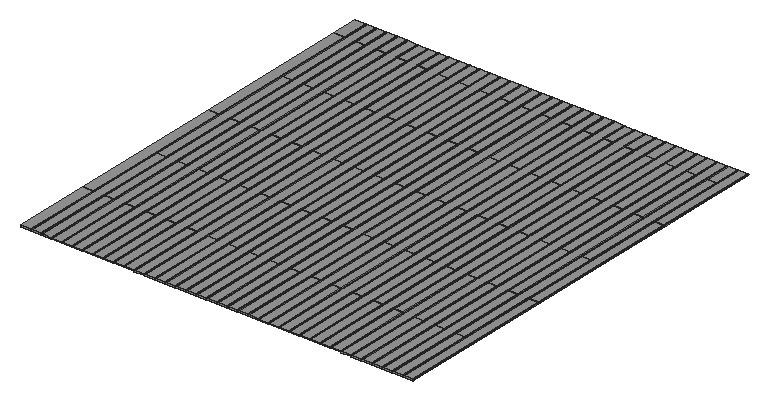
Revit family "2416-2, Veneer", category Generic Models, host Ceiling, Revit 2020
Family settings
  Host = Ceiling
  Can host rebar = No
  Round Connector Dimension = Use Diameter
  Part Type = Normal
  Always vertical = Yes
  Cut with Voids When Loaded = No
  Shared = No
  Room Calculation Point = No
Parameters
  OC SPACING [instance] = .. MEMBER WIDTH - 0' 0 1/4" - 0' 0 3/256"  # 0' - 4 189/256"
  PROJECT WIDTH [instance] = 15' - 0"
  PROJECT LENGTH [instance] = 16' - 0"
  PANELS COUNT 2 [instance] = rounddown((PROJECT LENGTH - .. MEMBER LENGTH 3) / .. MEMBER LENGTH 2)  # 2
  PANELS COUNT [instance] = rounddown(PROJECT LENGTH / .. MEMBER LENGTH 2)  # 2
  MEMBER WIDTH COUNT 2 [instance] = (PROJECT WIDTH / OC SPACING) / 2  # 19
  .. MEMBER WIDTH COUNT [instance] = (PROJECT WIDTH / OC SPACING) / 2  # 19
  .. MEMBER MATERIAL [instance] = Solid Western Hemlock
  .. MEMBER LENGTH 4 [instance] = ((PROJECT LENGTH - .. MEMBER LENGTH 3) - (PANELS COUNT 2 * .. MEMBER LENGTH 2))  # 1' - 0"
  .. MEMBER LENGTH 3 [instance] = .. MEMBER LENGTH 2 / 2  # 3' - 0"
  Default Elevation = 0' - 0"
  .. MEMBER WIDTH [instance] = 0' - 5"  # constant formula
  .. MEMBER LENGTH 2 [instance] = 6' - 0"
  .. MEMBER LENGTH [instance] = PROJECT LENGTH - (PANELS COUNT * .. MEMBER LENGTH 2)  # 4' - 0"
  .. MEMBER DEPTH [instance] = 0' - 0 3/4"  # constant formula
Reference planes (in)
  plane 1 "Center (Front/Back)": y = 0
  plane 2 "Ceiling": z = 96
  plane 3 "Center (Left/Right)": x = 0
  plane 4: y = 72
  plane 5: y = 144
  plane 6: y = 108
  plane 7: y = 36
  plane 8: y = 192
  plane 9: y = 144
  plane 10: y = 180
  plane 11: x = 180
  plane 12: x = 4.73828
Dimensions and locks (in)
  equal spacing: host sketch curve, plane 3 "Center (Left/Right)", host sketch curve
  equal spacing: host sketch curve, plane 1 "Center (Front/Back)", host sketch curve
  host sketch curve to host sketch curve = 10' - 0"  (x2)
  group 1 to group 2 = 0' - 0"  (x2)
  group 1 to group 2 = 6' - 0"
  ".. MEMBER LENGTH 2": plane 5 to plane 4
  ".. MEMBER LENGTH 2": plane 6 to plane 7
  "PROJECT LENGTH": plane 1 "Center (Front/Back)" to plane 8
  group 3 to group 4 = 0' - 0"  (x2)
  group 3 to group 4 = 6' - 0"
  ".. MEMBER LENGTH 3": plane 1 "Center (Front/Back)" to plane 7
  ".. MEMBER LENGTH 2": plane 1 "Center (Front/Back)" to plane 4
  ".. MEMBER LENGTH": plane 8 to plane 9
  ".. MEMBER LENGTH 4": plane 8 to plane 10
  "PROJECT WIDTH": plane 3 "Center (Left/Right)" to plane 11
  "OC SPACING": plane 3 "Center (Left/Right)" to plane 12
  aligned and locked: plane 1 "Center (Front/Back)" to nested 1
  aligned and locked: plane 4 to nested 2
  aligned and locked: nested 4 to plane 4
  aligned and locked: plane 7 to nested 3
  aligned and locked: plane 6 to nested 3
  aligned and locked: nested 6 to plane 6
  aligned and locked: nested 5 to plane 9
  aligned and locked: nested 7 to plane 10
  aligned and locked: plane 12 to nested 2
  aligned and locked: plane 12 to nested 4
  aligned and locked: plane 12 to nested 5
Nested families (in)
  nested 1: "(COPY 1) 2300 STAGGERED" at (0, 0, 85.44644), .. MEMBER DEPTH <- ".. MEMBER DEPTH", .. MEMBER WIDTH <- ".. MEMBER WIDTH", MEMBER LENGTH <- ".. MEMBER LENGTH 3", REVEAL <- "OC SPACING", MEMBER 1 COUNT <- ".. MEMBER WIDTH COUNT", .. MEMBER MATERIAL <- ".. MEMBER MATERIAL", type "(COPY 1) 2300 STAGGERED"
    with REVEAL X2 0' - 9 61/128", REVEAL 0' - 4 189/256", MEMBER LENGTH 2 1' - 6", MEMBER LENGTH 3' - 0", MEMBER COUNT 2 5, MEMBER 1 COUNT 19, INDENT 0' - 0 5/8", .. MEMBER WIDTH 0' - 5", .. MEMBER MATERIAL Solid Western Hemlock, .. MEMBER DEPTH 0' - 0 3/4"
  nested 2: "(COPY 1) 2300 STAGGERED" at (4.73828, 0, 85.44644), .. MEMBER DEPTH <- ".. MEMBER DEPTH", .. MEMBER WIDTH <- ".. MEMBER WIDTH", MEMBER LENGTH <- ".. MEMBER LENGTH 2", MEMBER 1 COUNT <- "MEMBER WIDTH COUNT 2", REVEAL <- "OC SPACING", .. MEMBER MATERIAL <- ".. MEMBER MATERIAL", type "(COPY 1) 2300 STAGGERED"
    with REVEAL X2 0' - 9 61/128", REVEAL 0' - 4 189/256", MEMBER LENGTH 2 3' - 0", MEMBER LENGTH 6' - 0", MEMBER COUNT 2 5, MEMBER 1 COUNT 19, INDENT 0' - 0 5/8", .. MEMBER WIDTH 0' - 5", .. MEMBER MATERIAL Solid Western Hemlock, .. MEMBER DEPTH 0' - 0 3/4"
  nested 3: "(COPY 1) 2300 STAGGERED" at (0, 36, 85.44644), .. MEMBER DEPTH <- ".. MEMBER DEPTH", .. MEMBER WIDTH <- ".. MEMBER WIDTH", MEMBER LENGTH <- ".. MEMBER LENGTH 2", MEMBER 1 COUNT <- ".. MEMBER WIDTH COUNT", REVEAL <- "OC SPACING", .. MEMBER MATERIAL <- ".. MEMBER MATERIAL", type "(COPY 1) 2300 STAGGERED"
    with REVEAL X2 0' - 9 61/128", REVEAL 0' - 4 189/256", MEMBER LENGTH 2 3' - 0", MEMBER LENGTH 6' - 0", MEMBER COUNT 2 5, MEMBER 1 COUNT 19, INDENT 0' - 0 5/8", .. MEMBER WIDTH 0' - 5", .. MEMBER MATERIAL Solid Western Hemlock, .. MEMBER DEPTH 0' - 0 3/4"
  nested 4: "(COPY 1) 2300 STAGGERED" at (4.73828, 72, 85.44644), .. MEMBER DEPTH <- ".. MEMBER DEPTH", .. MEMBER WIDTH <- ".. MEMBER WIDTH", MEMBER LENGTH <- ".. MEMBER LENGTH 2", MEMBER 1 COUNT <- "MEMBER WIDTH COUNT 2", REVEAL <- "OC SPACING", .. MEMBER MATERIAL <- ".. MEMBER MATERIAL", type "(COPY 1) 2300 STAGGERED"
    with REVEAL X2 0' - 9 61/128", REVEAL 0' - 4 189/256", MEMBER LENGTH 2 3' - 0", MEMBER LENGTH 6' - 0", MEMBER COUNT 2 5, MEMBER 1 COUNT 19, INDENT 0' - 0 5/8", .. MEMBER WIDTH 0' - 5", .. MEMBER MATERIAL Solid Western Hemlock, .. MEMBER DEPTH 0' - 0 3/4"
  nested 5: "(COPY 1) 2300 STAGGERED" at (4.73828, 144, 85.44644), .. MEMBER DEPTH <- ".. MEMBER DEPTH", .. MEMBER WIDTH <- ".. MEMBER WIDTH", MEMBER LENGTH <- ".. MEMBER LENGTH", REVEAL <- "OC SPACING", MEMBER 1 COUNT <- "MEMBER WIDTH COUNT 2", .. MEMBER MATERIAL <- ".. MEMBER MATERIAL", type "(COPY 1) 2300 STAGGERED"
    with REVEAL X2 0' - 9 61/128", REVEAL 0' - 4 189/256", MEMBER LENGTH 2 2' - 0", MEMBER LENGTH 4' - 0", MEMBER COUNT 2 5, MEMBER 1 COUNT 19, INDENT 0' - 0 5/8", .. MEMBER WIDTH 0' - 5", .. MEMBER MATERIAL Solid Western Hemlock, .. MEMBER DEPTH 0' - 0 3/4"
  nested 6: "(COPY 1) 2300 STAGGERED" at (0, 108, 85.44644), .. MEMBER DEPTH <- ".. MEMBER DEPTH", .. MEMBER WIDTH <- ".. MEMBER WIDTH", MEMBER LENGTH <- ".. MEMBER LENGTH 2", MEMBER 1 COUNT <- ".. MEMBER WIDTH COUNT", REVEAL <- "OC SPACING", .. MEMBER MATERIAL <- ".. MEMBER MATERIAL", type "(COPY 1) 2300 STAGGERED"
    with REVEAL X2 0' - 9 61/128", REVEAL 0' - 4 189/256", MEMBER LENGTH 2 3' - 0", MEMBER LENGTH 6' - 0", MEMBER COUNT 2 5, MEMBER 1 COUNT 19, INDENT 0' - 0 5/8", .. MEMBER WIDTH 0' - 5", .. MEMBER MATERIAL Solid Western Hemlock, .. MEMBER DEPTH 0' - 0 3/4"
  nested 7: "(COPY 1) 2300 STAGGERED" at (0, 180, 85.44644), .. MEMBER DEPTH <- ".. MEMBER DEPTH", .. MEMBER WIDTH <- ".. MEMBER WIDTH", MEMBER LENGTH <- ".. MEMBER LENGTH 4", REVEAL <- "OC SPACING", MEMBER 1 COUNT <- ".. MEMBER WIDTH COUNT", .. MEMBER MATERIAL <- ".. MEMBER MATERIAL", type "(COPY 1) 2300 STAGGERED"
    with REVEAL X2 0' - 9 61/128", REVEAL 0' - 4 189/256", MEMBER LENGTH 2 0' - 6", MEMBER LENGTH 1' - 0", MEMBER COUNT 2 3, MEMBER 1 COUNT 19, INDENT 0' - 0 5/8", .. MEMBER WIDTH 0' - 5", .. MEMBER MATERIAL Solid Western Hemlock, .. MEMBER DEPTH 0' - 0 3/4"
Definition of nested family "(COPY 1) 2300 STAGGERED"
  Parameters (values of type "(COPY 1) 2300 STAGGERED")
    REVEAL X2 [instance] = REVEAL * 2  # 0' - 8"
    REVEAL [instance] = 0' - 4"
    MEMBER LENGTH 2 [instance] = MEMBER LENGTH / 2  # 3' - 0"
    MEMBER LENGTH [instance] = 6' - 0"
    MEMBER COUNT 2 [instance] = 5
    MEMBER 1 COUNT [instance] = 5
    INDENT [instance] = 0' - 0 5/8"
    Default Elevation = 0' - 0"
    .. MEMBER WIDTH [instance] = 0' - 3 1/4"
    .. MEMBER MATERIAL [instance] = none
    .. MEMBER DEPTH [instance] = 0' - 0 3/4"
  Reference planes (in)
    plane 1 "Center (Front/Back)": y = 0
    plane 2: z = 0
    plane 3 "Center (Left/Right)": x = 0
    plane 4: x = 8
    plane 5: x = 4
    plane 6: x = 12
  Dimensions and locks (in)
    "REVEAL X2": plane 3 "Center (Left/Right)" to plane 4
    "REVEAL": plane 3 "Center (Left/Right)" to plane 5
    "REVEAL X2": plane 5 to plane 6
    equal spacing: group 1, group 2, group 3, group 4, group 5  (x3)
    aligned and locked: plane 2 to level
    aligned and locked: plane 1 "Center (Front/Back)" to nested 1
    aligned and locked: nested 1 to plane 3 "Center (Left/Right)"
    aligned and locked: nested 2 to plane 4
  Nested families (in)
    nested 1: "2300 DEV" at (-0.25432, 0, 0), MEMBER LENGTH <- "MEMBER LENGTH", MEMBER MATERIAL <- ".. MEMBER MATERIAL", MEMBER WIDTH <- ".. MEMBER WIDTH", MEMBER DEPTH <- ".. MEMBER DEPTH", INDENT <- "INDENT", type "2300 DEV"
      with MEMBER WIDTH 0' - 3 1/4", MEMBER MATERIAL none, MEMBER LENGTH 6' - 0", MEMBER DEPTH 0' - 0 3/4", INDENT 0' - 0 5/8", EXTRUSION -6' - 0"
    nested 2: "2300 DEV" at (7.74568, 0, 0), MEMBER LENGTH <- "MEMBER LENGTH", MEMBER MATERIAL <- ".. MEMBER MATERIAL", MEMBER WIDTH <- ".. MEMBER WIDTH", MEMBER DEPTH <- ".. MEMBER DEPTH", INDENT <- "INDENT", type "2300 DEV"
      with MEMBER WIDTH 0' - 3 1/4", MEMBER MATERIAL none, MEMBER LENGTH 6' - 0", MEMBER DEPTH 0' - 0 3/4", INDENT 0' - 0 5/8", EXTRUSION -6' - 0"
    nested 3: "2300 DEV" at (15.74568, 0, 0), MEMBER LENGTH <- "MEMBER LENGTH", MEMBER MATERIAL <- ".. MEMBER MATERIAL", MEMBER WIDTH <- ".. MEMBER WIDTH", MEMBER DEPTH <- ".. MEMBER DEPTH", INDENT <- "INDENT", type "2300 DEV"
      with MEMBER WIDTH 0' - 3 1/4", MEMBER MATERIAL none, MEMBER LENGTH 6' - 0", MEMBER DEPTH 0' - 0 3/4", INDENT 0' - 0 5/8", EXTRUSION -6' - 0"
    nested 4: "2300 DEV" at (23.74568, 0, 0), MEMBER LENGTH <- "MEMBER LENGTH", MEMBER MATERIAL <- ".. MEMBER MATERIAL", MEMBER WIDTH <- ".. MEMBER WIDTH", MEMBER DEPTH <- ".. MEMBER DEPTH", INDENT <- "INDENT", type "2300 DEV"
      with MEMBER WIDTH 0' - 3 1/4", MEMBER MATERIAL none, MEMBER LENGTH 6' - 0", MEMBER DEPTH 0' - 0 3/4", INDENT 0' - 0 5/8", EXTRUSION -6' - 0"
    nested 5: "2300 DEV" at (31.74568, 0, 0), MEMBER LENGTH <- "MEMBER LENGTH", MEMBER MATERIAL <- ".. MEMBER MATERIAL", MEMBER WIDTH <- ".. MEMBER WIDTH", MEMBER DEPTH <- ".. MEMBER DEPTH", INDENT <- "INDENT", type "2300 DEV"
      with MEMBER WIDTH 0' - 3 1/4", MEMBER MATERIAL none, MEMBER LENGTH 6' - 0", MEMBER DEPTH 0' - 0 3/4", INDENT 0' - 0 5/8", EXTRUSION -6' - 0"
  Definition of nested family "2300 DEV"
    Parameters (values of type "2300 DEV")
      MEMBER WIDTH [instance] = 0' - 2 1/4"
      MEMBER MATERIAL [instance] = none
      MEMBER LENGTH [instance] = 2' - 6"
      MEMBER DEPTH [instance] = 0' - 0 5/8"
      INDENT [instance] = 0' - 0 5/8"
      EXTRUSION [instance] = -1 * MEMBER LENGTH  # -2' - 6"
      Default Elevation = 0' - 0"
    Reference planes (in)
      plane 1 "Center (Front/Back)": y = 0
      plane 2: z = 10.55356
      plane 3 "Center (Left/Right)": x = 0
      plane 4: y = 30
      plane 5: z = 10.55356
      plane 6: x = 0.25432
      plane 7: x = 2.50432
      plane 8: x = 2.82058
      plane 9: z = 9.92856
      plane 10: z = 10.17856
    Forms (in)
      Extrusion 1, void, not visible
        sketch origin (-0.375, 0, 0) x (1, 0, 0) y (0, 0, 1)
          loop
            line (4.125, 11.30356) -> (4.125, 11.17856) -> (4.0625, 11.11606) -> (3.75, 11.11606) -> (3.75, 10.92856) -> (4.25, 10.92856) -> (4.65478, 10.92856) -> (4.65478, 11.30356) -> (4.25, 11.30356) -> (4.125, 11.30356)
        from 0 to 30
      Extrusion 2, void, not visible
        sketch origin (4.5, 0, 0) x (-1, 0, 0) y (0, 0, 1)
          loop
            line (4.5, 11.30356) -> (4.25, 11.30356) -> (4.25, 11.17856) -> (4.1875, 11.11606) -> (3.875, 11.11606) -> (3.875, 10.92856) -> (4.78125, 10.92856) -> (4.78125, 11.30356) -> (4.5, 11.30356)
        from 0 to 30
      Extrusion 3, void, not visible
        sketch origin (0, 0, 0) x (1, 0, 0) y (0, 0, 1)
          loop
            line (2.53125, 10.55356) -> (2, 10.55356) -> (2, 10.42856) -> (1.9375, 10.36606) -> (1.625, 10.36606) -> (1.625, 10.17856) -> (2.53125, 10.17856) -> (2.53125, 10.55356)
        from 0 to 12
      Extrusion 4, void
        sketch origin (-5.34896, 0, 0) x (1, 0, 0) y (0, 0, 1)
          loop
            line (5.92291, 10.42856) -> (5.60328, 10.42856) -> (5.60328, 10.55356) -> (5.34896, 10.55356) -> (5.34896, 9.92856) -> (5.34896, 9.52296) -> (5.60291, 9.52296) -> (5.60291, 9.99136) -> (5.60291, 10.17856) -> (5.92291, 10.17856) -> (5.92291, 10.42856)
        from 0 to -30 <- "EXTRUSION"
      Extrusion 5, void
        sketch origin (-6.35859, 0, 0) x (1, 0, 0) y (0, 0, 1)
          loop
            line (8.60291, 10.17856) -> (8.60291, 9.99106) -> (8.60291, 9.52296) -> (9.17917, 9.52296) -> (9.17917, 9.92856) -> (9.17917, 10.55356) -> (8.56291, 10.55356) -> (8.56291, 10.38856) -> (8.80041, 10.38856)
            arc (8.80041, 10.38856) -> (8.8446, 10.37025) -> (8.86291, 10.32606) r 0.0625
            line (8.86291, 10.32606) -> (8.86291, 10.24106)
            arc (8.86291, 10.24106) -> (8.8446, 10.19686) -> (8.80041, 10.17856) r 0.0625
            line (8.80041, 10.17856) -> (8.60291, 10.17856)
        from 0 to -30 <- "EXTRUSION"
      Extrusion 6, solid, material <- "MEMBER MATERIAL"
        sketch origin (-5.34896, 0, 0) x (1, 0, 0) y (0, 0, 1)
          loop
            line (5.60328, 10.55356) -> (5.60328, 9.92856) -> (7.85328, 9.92856) -> (7.85328, 10.55356) -> (5.60328, 10.55356)
        from 0 to -30
      Extrusion 7, void, not visible
        sketch origin (0, 0, 0) x (1, 0, 0) y (0, 0, 1)
          loop
            line (8.60291, 10.17856) -> (8.60291, 9.99106) -> (8.54041, 9.92856) -> (9.17917, 9.92856) -> (9.17917, 10.55356) -> (8.56291, 10.55356) -> (8.56291, 10.38856) -> (8.80041, 10.38856)
            arc (8.80041, 10.38856) -> (8.8446, 10.37025) -> (8.86291, 10.32606) r 0.0625
            line (8.86291, 10.32606) -> (8.86291, 10.24106)
            arc (8.86291, 10.24106) -> (8.8446, 10.19686) -> (8.80041, 10.17856) r 0.0625
            line (8.80041, 10.17856) -> (8.60291, 10.17856)
        from 0 to -30
      Extrusion 8, void, not visible
        sketch origin (-0.54718, 0, 0) x (1, 0, 0) y (0, 0, 1)
          loop
            line (8.60291, 10.17856) -> (8.60291, 9.99106) -> (8.60291, 9.52296) -> (9.17917, 9.52296) -> (9.17917, 9.92856) -> (9.17917, 10.55356) -> (8.56291, 10.55356) -> (8.56291, 10.38856) -> (8.80041, 10.38856)
            arc (8.80041, 10.38856) -> (8.8446, 10.37025) -> (8.86291, 10.32606) r 0.0625
            line (8.86291, 10.32606) -> (8.86291, 10.24106)
            arc (8.86291, 10.24106) -> (8.8446, 10.19686) -> (8.80041, 10.17856) r 0.0625
            line (8.80041, 10.17856) -> (8.60291, 10.17856)
        from 0 to -30 <- "EXTRUSION"
      Extrusion 9, void
        sketch origin (0, 0, 0) x (1, 0, 0) y (0, 0, 1)
          loop
            line (0.25432, 9.92856) -> (0.31682, 9.92856) -> (0.25432, 9.99106) -> (0.25432, 9.92856)
        from -30 to 0
      Extrusion 10, void
        sketch origin (2.49864, 0, -0.0153) x (-1, 0, 0) y (0, 0, -1)
          loop
            line (0.25432, -9.94385) -> (0.25432, -10.00635) -> (0.31682, -9.94385) -> (0.25432, -9.94385)
        from -30 to 0
      Extrusion 11, void, not visible
        sketch origin (-5.34896, -6, 0) x (1, 0, 0) y (0, 0, 1)
          loop
            line (5.92291, 10.42856) -> (5.60328, 10.42856) -> (5.60328, 10.55356) -> (5.34896, 10.55356) -> (5.34896, 9.92856) -> (5.34896, 9.52296) -> (5.60291, 9.52296) -> (5.60291, 9.99136) -> (5.60291, 10.17856) -> (5.92291, 10.17856) -> (5.92291, 10.42856)
        from 0 to -30 <- "EXTRUSION"
    Cuts and joins
      Extrusion 4, Extrusion 5, Extrusion 9, Extrusion 10 cuts Extrusion 6
    Lines and regions (in)
      model lines, not visible
        curve 1: line (9.45582, 0, 10.55356) -> (14.70582, 0, 10.55356)
        curve 2: line (14.70582, 0, 10.55356) -> (14.70582, 0, 10.92856)
        curve 3: line (14.70582, 0, 10.92856) -> (14.20582, 0, 10.92856)
        curve 4: line (14.20582, 0, 10.92856) -> (14.20582, 0, 11.11606)
        curve 5: line (14.20582, 0, 11.11606) -> (14.51832, 0, 11.11606)
        curve 6: line (14.58082, 0, 11.30356) -> (14.58082, 0, 11.17856)
        curve 7: line (14.58082, 0, 11.17856) -> (14.51832, 0, 11.11606)
        curve 8: line (14.58082, 0, 11.30356) -> (9.58082, 0, 11.30356)
        curve 9: line (9.45582, 0, 10.55356) -> (9.45582, 0, 10.92856)
        curve 10: line (9.45582, 0, 10.92856) -> (9.95582, 0, 10.92856)
        curve 11: line (9.95582, 0, 10.92856) -> (9.95582, 0, 11.11606)
        curve 12: line (9.95582, 0, 11.11606) -> (9.64332, 0, 11.11606)
        curve 13: line (9.58082, 0, 11.30356) -> (9.58082, 0, 11.17856)
        curve 14: line (9.58082, 0, 11.17856) -> (9.64332, 0, 11.11606)
        curve 15: line (5.25, 0, 10.55356) -> (5.25, 0, 10.92856)
        curve 16: line (5.25, 0, 10.92856) -> (4.75, 0, 10.92856)
        curve 17: line (4.75, 0, 10.92856) -> (4.75, 0, 11.11606)
        curve 18: line (4.75, 0, 11.11606) -> (5.0625, 0, 11.11606)
        curve 19: line (5.125, 0, 11.30356) -> (5.125, 0, 11.17856)
        curve 20: line (5.125, 0, 11.17856) -> (5.0625, 0, 11.11606)
    Dimensions and locks (in)
      "MEMBER LENGTH": plane 1 "Center (Front/Back)" to plane 4
      locked: plane 8 to plane 7 at 0.31626
      "MEMBER WIDTH": plane 7 to plane 6
      locked: plane 6 to plane 3 "Center (Left/Right)" at 0.25432
      level to plane 9 = 0' - 0 5/8"
      locked: level to plane 10 at 0.375
      aligned and locked: level to plane 2
      aligned and locked: plane 4 to Extrusion 6
      aligned and locked: plane 6 to Extrusion 6
      aligned and locked: plane 6 to Extrusion 4
      aligned and locked: plane 7 to Extrusion 6
      aligned and locked: plane 8 to Extrusion 5
      aligned and locked: plane 9 to Extrusion 6
      aligned and locked: Extrusion 9 to plane 9
      aligned and locked: Extrusion 10 to plane 9
      aligned and locked: plane 4 to Extrusion 9
      aligned and locked: plane 1 "Center (Front/Back)" to Extrusion 9
      aligned and locked: plane 4 to Extrusion 10
      aligned and locked: plane 1 "Center (Front/Back)" to Extrusion 10
      aligned and locked: plane 10 to Extrusion 4
      aligned and locked: plane 1 "Center (Front/Back)" to Extrusion 5
    Automatic sketch dimensions
      Extrusion 1 sketch curve to Extrusion 1 sketch curve = 0' - 0 1/16"  (x2)
      Extrusion 1 sketch curve to Extrusion 1 sketch curve = 0' - 0.40478"
      Extrusion 1 sketch curve to Extrusion 1 sketch curve = 0' - 0 3/16"  (x2)
      Extrusion 1 sketch curve to Extrusion 1 sketch curve = 0' - 0 1/8"  (x2)
      Extrusion 1 sketch curve to Extrusion 1 sketch curve = 0' - 0 5/16"
      Extrusion 2 sketch curve to Extrusion 2 sketch curve = 0' - 0 3/16"  (x2)
      Extrusion 2 sketch curve to Extrusion 2 sketch curve = 0' - 0 1/16"  (x2)
      Extrusion 2 sketch curve to Extrusion 2 sketch curve = 0' - 0 9/32"
      Extrusion 2 sketch curve to Extrusion 2 sketch curve = 0' - 0 1/4"
      Extrusion 2 sketch curve to Extrusion 2 sketch curve = 0' - 0 5/16"
      Extrusion 3 sketch curve to Extrusion 3 sketch curve = 0' - 0 5/16"
      Extrusion 3 sketch curve to Extrusion 3 sketch curve = 0' - 0 1/16"  (x2)
      Extrusion 3 sketch curve to Extrusion 3 sketch curve = 0' - 0 3/16"
      Extrusion 3 sketch curve to Extrusion 3 sketch curve = 0' - 0 17/32"
      Extrusion 3 sketch curve to Extrusion 3 sketch curve = 0' - 0 3/8"
      Extrusion 7 sketch curve to Extrusion 7 sketch curve = 0' - 0 1/16"  (x4)
      Extrusion 7 sketch curve to Extrusion 7 sketch curve = 0' - 0.1975"
      Extrusion 7 sketch curve to Extrusion 7 sketch curve = 0' - 0.2375"
      Extrusion 7 sketch curve to Extrusion 7 sketch curve = 0' - 0.085"
      Extrusion 7 sketch curve to Extrusion 7 sketch curve = 0' - 0 3/16"
      Extrusion 7 sketch curve to Extrusion 7 sketch curve = 0' - 0.31626"
      Extrusion 7 sketch curve to Extrusion 7 sketch curve = 0' - 0.2275"
      Extrusion 5 sketch curve to Extrusion 5 sketch curve = 0' - 0.04"
      Extrusion 5 sketch curve to Extrusion 5 sketch curve = 0' - 0.2375"
      Extrusion 5 sketch curve to Extrusion 5 sketch curve = 0' - 0"
      Extrusion 5 sketch curve to Extrusion 5 sketch curve = 0' - 0 1/16"
      Extrusion 5 sketch curve to Extrusion 5 sketch curve = 0' - 0.31626"
      Extrusion 5 sketch curve to Extrusion 5 sketch curve = 0' - 0.4681"
      Extrusion 5 sketch curve to Extrusion 5 sketch curve = 0' - 0 3/16"
      Extrusion 5 sketch curve to Extrusion 5 sketch curve = 0' - 0.085"
      Extrusion 5 sketch curve to Extrusion 5 sketch curve = 0' - 0.2275"
      Extrusion 5 sketch curve to Extrusion 5 sketch curve = 0' - 0.4056"
      Extrusion 8 sketch curve to Extrusion 8 sketch curve = 0' - 0.04"
      Extrusion 8 sketch curve to Extrusion 8 sketch curve = 0' - 0.2375"
      Extrusion 8 sketch curve to Extrusion 8 sketch curve = 0' - 0"
      Extrusion 8 sketch curve to Extrusion 8 sketch curve = 0' - 0 1/16"
      Extrusion 8 sketch curve to Extrusion 8 sketch curve = 0' - 0.31626"
      Extrusion 8 sketch curve to Extrusion 8 sketch curve = 0' - 0.4681"
      Extrusion 8 sketch curve to Extrusion 8 sketch curve = 0' - 0 3/16"
      Extrusion 8 sketch curve to Extrusion 8 sketch curve = 0' - 0.085"
      Extrusion 8 sketch curve to Extrusion 8 sketch curve = 0' - 0.2275"
      Extrusion 8 sketch curve to Extrusion 8 sketch curve = 0' - 0.4056"
      Extrusion 6 sketch curve to plane 6 = 0' - 0"
      Extrusion 6 sketch curve to plane 7 = 0' - 0"
      Extrusion 6 sketch curve to plane 9 = 0' - 0"
      Extrusion 6 sketch curve to level = 0' - 0"
      Extrusion 9 sketch curve to plane 6 = 0' - 0"
      Extrusion 9 sketch curve to plane 9 = 0' - 0"
      plane 6 to Extrusion 9 sketch curve = 0' - 0 1/16"
      Extrusion 9 sketch curve to Extrusion 9 sketch curve = 0' - 0 1/16"
      plane 7 to Extrusion 10 sketch curve = 0' - 0.26"
      plane 9 to Extrusion 10 sketch curve = 0' - 0"
      Extrusion 10 sketch curve to Extrusion 10 sketch curve = 0' - 0 1/16"  (x2)
      Extrusion 4 sketch curve to Extrusion 4 sketch curve = 0' - 0.25395"
      Extrusion 4 sketch curve to Extrusion 4 sketch curve = 0' - 0.25432"
      Extrusion 4 sketch curve to Extrusion 4 sketch curve = 0' - 0.32"
      Extrusion 4 sketch curve to Extrusion 4 sketch curve = 0' - 0.4056"
      Extrusion 4 sketch curve to Extrusion 4 sketch curve = 0' - 0.06281"
      Extrusion 4 sketch curve to Extrusion 4 sketch curve = 0' - 0.18719"
      Extrusion 4 sketch curve to Extrusion 4 sketch curve = 0' - 0 1/4"
      Extrusion 4 sketch curve to Extrusion 4 sketch curve = 0' - 0 1/8"
      Extrusion 11 sketch curve to Extrusion 11 sketch curve = 0' - 0.25395"
      Extrusion 11 sketch curve to Extrusion 11 sketch curve = 0' - 0.25432"
      Extrusion 11 sketch curve to Extrusion 11 sketch curve = 0' - 0.32"
      Extrusion 11 sketch curve to Extrusion 11 sketch curve = 0' - 0.4056"
      Extrusion 11 sketch curve to Extrusion 11 sketch curve = 0' - 0.06281"
      Extrusion 11 sketch curve to Extrusion 11 sketch curve = 0' - 0.18719"
      Extrusion 11 sketch curve to Extrusion 11 sketch curve = 0' - 0 1/4"
      Extrusion 11 sketch curve to Extrusion 11 sketch curve = 0' - 0 1/8"
